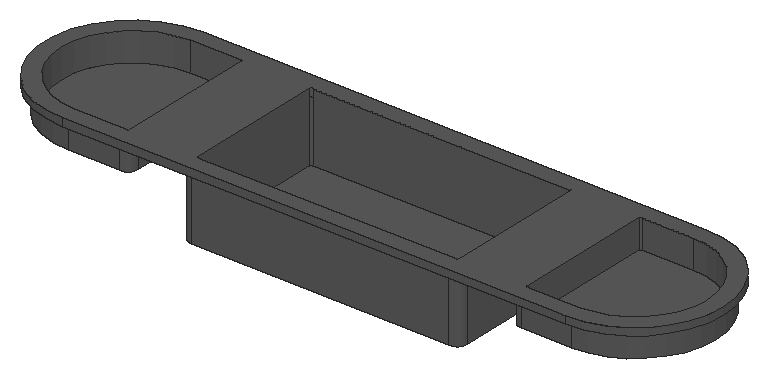
Revit family "Haworth_Immerse_Planter_Oblong", category Furniture Systems, Revit 2018
Family settings
  Round Connector Dimension = Use Diameter
  Part Type = Normal
  OmniClass Number = 23.40.70.14.64.21
  OmniClass Title = Systems Furniture
  Work Plane-Based = No
  Always vertical = Yes
  Cut with Voids When Loaded = No
  Shared = No
  Room Calculation Point = No
Parameters (values of type "EHPO")
  Warranty = "http://www.haworth.com/resources/product-info/warranties"
  URL - Product = "http://www.haworth.com/products/tables/collaborative/immerse"
  Planter Finish [instance] = Haworth _ Paint _ Black
  Model = "EHPO"
  URL = "https://www.haworth.com/na/en.html"
  Revision Number = "1"  # constant formula
  Manufacturer = "Haworth"  # constant formula
  Description = "Haworth Immerse Planter Oblong"
  Author = "Haworth (Hampton)"  # constant formula
  Assembly Code = "E2020200"
Reference planes (in)
  plane 1 "Floor": z = 0
  plane 2 "Center L/R": x = -40.5
  plane 3 "Center": y = -11.15866
  plane 4 "Surface Top": z = 29.49998
  plane 5 "Side Bottom": z = 27.99998
  plane 6: x = -60.875
  plane 7: x = -20.125
  plane 8: y = -5.88828
  plane 9: y = -16.42904
  plane 10 "Center Bottom": z = 25.548
  plane 11 "Planter Top": z = 30.24998
Forms (in)
  Extrusion 1, solid, material "Haworth _ Paint _ Black" <- "Planter Finish"
    sketch origin (0, 0, 35.87445) x (0, -1, 0) y (1, 0, 0)
      loop
        line (5.88828, -25.4095) -> (5.88828, -55.5905)
        arc (5.88828, -55.5905) -> (11.15866, -60.86088) -> (16.42904, -55.5905) r 5.27038
        line (16.42904, -55.5905) -> (16.42904, -25.4095)
        arc (16.42904, -25.4095) -> (11.15866, -20.13912) -> (5.88828, -25.4095) r 5.27038
    from -6.37446 to -5.93901
  Extrusion 2, solid, material "Haworth _ Paint _ Black" <- "Planter Finish"
    sketch origin (0, 0, 35.87445) x (0, -1, 0) y (1, 0, 0)
      loop
        arc (15.3122, -29.08454) -> (15.75414, -28.90148) -> (15.9372, -28.45954) r 0.625
        line (15.9372, -28.45954) -> (15.9372, -25.41)
        arc (15.9372, -25.41) -> (11.15866, -20.63146) -> (6.38012, -25.41) r 4.77854
        line (6.38012, -25.41) -> (6.38012, -28.45954)
        arc (6.38012, -28.45954) -> (6.56318, -28.90148) -> (7.00512, -29.08454) r 0.625
        line (7.00512, -29.08454) -> (15.3122, -29.08454)
      loop
        line (15.3122, -51.91546) -> (7.00512, -51.91546)
        arc (7.00512, -51.91546) -> (6.56318, -52.09852) -> (6.38012, -52.54046) r 0.625
        line (6.38012, -52.54046) -> (6.38012, -55.59)
        arc (6.38012, -55.59) -> (11.15866, -60.36854) -> (15.9372, -55.59) r 4.77854
        line (15.9372, -55.59) -> (15.9372, -52.54046)
        arc (15.9372, -52.54046) -> (15.75414, -52.09852) -> (15.3122, -51.91546) r 0.625
    from -7.87446 to -6.37446
  Extrusion 3, solid, material "Haworth _ Paint _ Black" <- "Planter Finish"
    sketch origin (0, 0, 35.87445) x (0, -1, 0) y (1, 0, 0)
      loop
        line (15.9372, -48.21154) -> (15.9372, -32.78846)
        arc (15.9372, -32.78846) -> (15.75414, -32.34652) -> (15.3122, -32.16346) r 0.625
        line (15.3122, -32.16346) -> (7.00512, -32.16346)
        arc (7.00512, -32.16346) -> (6.56318, -32.34652) -> (6.38012, -32.78846) r 0.625
        line (6.38012, -32.78846) -> (6.38012, -48.21154)
        arc (6.38012, -48.21154) -> (6.56318, -48.65348) -> (7.00512, -48.83654) r 0.625
        line (7.00512, -48.83654) -> (15.3122, -48.83654)
        arc (15.3122, -48.83654) -> (15.75414, -48.65348) -> (15.9372, -48.21154) r 0.625
    from -10.32645 to -6.37446
  Extrusion 4, void
    sketch origin (0, 0, 35.87445) x (0, -1, 0) y (1, 0, 0)
      loop
        arc (7.00512, -52.41546) -> (6.91673, -52.45207) -> (6.88012, -52.54046) r 0.125
        line (6.88012, -52.54046) -> (6.88012, -55.59)
        arc (6.88012, -55.59) -> (11.15866, -59.86854) -> (15.4372, -55.59) r 4.27854
        line (15.4372, -55.59) -> (15.4372, -52.54046)
        arc (15.4372, -52.54046) -> (15.40059, -52.45207) -> (15.3122, -52.41546) r 0.125
        line (15.3122, -52.41546) -> (7.00512, -52.41546)
      loop
        line (7.00512, -28.58454) -> (15.3122, -28.58454)
        arc (15.3122, -28.58454) -> (15.40059, -28.54793) -> (15.4372, -28.45954) r 0.125
        line (15.4372, -28.45954) -> (15.4372, -25.41)
        arc (15.4372, -25.41) -> (11.15866, -21.13146) -> (6.88012, -25.41) r 4.27854
        line (6.88012, -25.41) -> (6.88012, -28.45954)
        arc (6.88012, -28.45954) -> (6.91673, -28.54793) -> (7.00512, -28.58454) r 0.125
    from -7.67122 to -5.62446
  Extrusion 5, void
    sketch origin (0, 0, 35.87445) x (0, -1, 0) y (1, 0, 0)
      loop
        arc (15.4372, -32.78846) -> (15.40059, -32.70007) -> (15.3122, -32.66346) r 0.125
        line (15.3122, -32.66346) -> (7.00512, -32.66346)
        arc (7.00512, -32.66346) -> (6.91673, -32.70007) -> (6.88012, -32.78846) r 0.125
        line (6.88012, -32.78846) -> (6.88012, -48.21154)
        arc (6.88012, -48.21154) -> (6.91673, -48.29993) -> (7.00512, -48.33654) r 0.125
        line (7.00512, -48.33654) -> (15.3122, -48.33654)
        arc (15.3122, -48.33654) -> (15.40059, -48.29993) -> (15.4372, -48.21154) r 0.125
        line (15.4372, -48.21154) -> (15.4372, -32.78846)
    from -10.07019 to -5.62446
Cuts and joins
  Extrusion 4, Extrusion 5 cuts Extrusion 1
  Extrusion 4 cuts Extrusion 2
  Extrusion 5 cuts Extrusion 3
  joined: Extrusion 1, Extrusion 2, Extrusion 3
Lines and regions (in)
  Masking region 1
    outline origin (0, 0, 35.87445) x (0, -1, 0) y (1, 0, 0)
      loop
        arc (5.88828, -55.5905) -> (11.15866, -60.86088) -> (16.42904, -55.5905) r 5.27038
        line (16.42904, -55.5905) -> (16.42904, -25.4095)
        arc (16.42904, -25.4095) -> (11.15866, -20.13912) -> (5.88828, -25.4095) r 5.27038
        line (5.88828, -25.4095) -> (5.88828, -55.5905)
Dimensions and locks (in)
  aligned and locked: plane 4 "Surface Top" to Extrusion 1
  aligned and locked: Extrusion 2 to plane 5 "Side Bottom"
  aligned and locked: Extrusion 2 to plane 4 "Surface Top"
  aligned and locked: plane 10 "Center Bottom" to Extrusion 3
  aligned and locked: Extrusion 3 to plane 4 "Surface Top"
  aligned and locked: Extrusion 4 to plane 11 "Planter Top"
